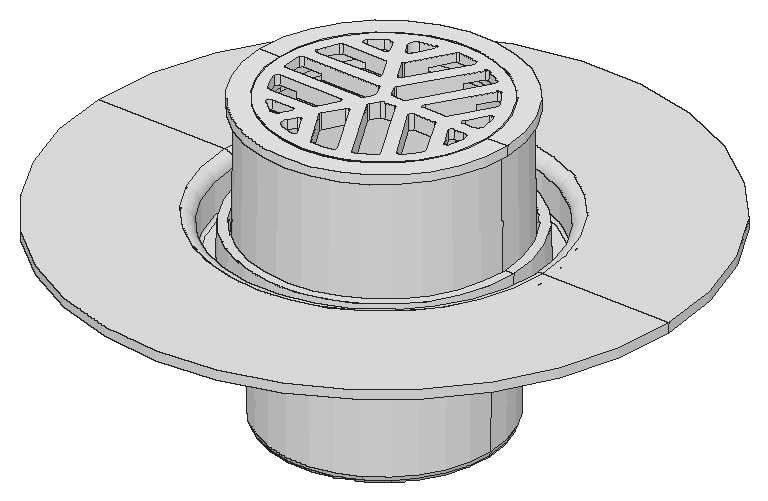
Revit family "4000.137 LM COB RN HF BE80", category Plumbing Fixtures, Revit 2016
Family settings
  Part Type = Normal
  Round Connector Dimension = Use Diameter
  Work Plane-Based = No
  Always vertical = Yes
  Cut with Voids When Loaded = No
  Shared = No
  Room Calculation Point = No
Parameters (values of type "4000.137")
  Waste Connection = yes
  Vent Connection = no
  URL = "www.aquaknight.co.nz"
  Phone = "+6498322214"  # constant formula
  Model = "LM COB RN HF BE80 – 4000.137"
  Manufacturer = "Aquanight Industries Ltd"  # constant formula
  HW Connection = no
  Email = "info@aquaknight.co.nz"  # constant formula
  Description = "DWV80 Free-form Tile Shower with Round Chrome LID"
  CW Connection = no
Reference planes
  plane 1 "Center (Front/Back)": y = 0
  plane 2: z = 0
  plane 3 "Center (Left/Right)": x = 0
  plane 4: z = -39.794
Forms (mm)
  Revolve 1, solid, material "PVC-Piping"
    sketch origin (-2.137, 0, 1.044) x (1, 0, 0) y (0, 0, 1)
      loop
        line (-53.225, -1.044) -> (-96.863, -1.044) -> (-96.863, -4.044) -> (-53.225, -4.044)
        arc (-53.225, -4.044) -> (-52.521, -4.333) -> (-52.225, -5.034) r 1
        line (-52.225, -5.034) -> (-52.122, -15.088)
        arc (-52.122, -15.088) -> (-51.057, -17.765) -> (-48.471, -19.032) r 4
        line (-48.471, -19.032) -> (-36.578, -20.055)
        arc (-36.578, -20.055) -> (-35.93, -20.372) -> (-35.663, -21.041) r 1.001
        line (-35.663, -21.041) -> (-35.206, -62.767) -> (-34.682, -64.162)
        arc (-34.682, -64.162) -> (-34.132, -64.868) -> (-33.278, -65.134) r 1.5
        line (-33.278, -65.134) -> (-32.413, -65.134) -> (-32.93, -14.567) -> (-36.113, -14.567) -> (-36.153, -10.668) -> (-36.763, -9.567) -> (-36.463, 31.433) -> (-38.863, 31.433) -> (-39.171, -10.702) -> (-39.613, -9.567) -> (-39.638, -7.067) -> (-40.164, -4.567) -> (-43.113, -4.567) -> (-43.528, -16.453) -> (-48.209, -16.044)
        arc (-48.209, -16.044) -> (-48.856, -15.727) -> (-49.122, -15.058) r 1
        line (-49.122, -15.058) -> (-49.225, -5.003)
        arc (-49.225, -5.003) -> (-50.411, -2.201) -> (-53.225, -1.044) r 4
      axis (2.137, 31.433) -> (2.137, -65.134)
    angle from 0 to 360
  Extrusion 2, void
    sketch origin (0, 0, 4) x (0, 1, 0) y (-1, 0, 0)
      loop
        arc (-2, -26.058) -> (-2.5, -25.192) -> (-3.5, -25.192) r 1
        line (-3.5, -25.192) -> (-9.662, -28.749)
        arc (-9.662, -28.749) -> (-10.156, -29.727) -> (-9.458, -30.57) r 1
        arc (-9.458, -30.57) -> (-7.189, -31.182) -> (-4.881, -31.626) r 32
        arc (-4.881, -31.626) -> (-2.873, -31.053) -> (-2, -29.155) r 2.5
        line (-2, -29.155) -> (-2, -26.058)
      loop
        arc (-2.5, -19.957) -> (-2.134, -19.591) -> (-2, -19.091) r 1
        line (-2, -19.091) -> (-2, -12.163)
        arc (-2, -12.163) -> (-2.5, -11.297) -> (-3.5, -11.297) r 1
        line (-3.5, -11.297) -> (-21.665, -21.784)
        arc (-21.665, -21.784) -> (-22.159, -22.537) -> (-21.848, -23.381) r 1
        arc (-21.848, -23.381) -> (-19.269, -25.548) -> (-16.477, -27.432) r 32
        arc (-16.477, -27.432) -> (-15.971, -27.575) -> (-15.462, -27.441) r 1
        line (-15.462, -27.441) -> (-2.5, -19.957)
      loop
        line (-24.721, -18.891) -> (-2.5, -6.062)
        arc (-2.5, -6.062) -> (-2.134, -5.696) -> (-2, -5.196) r 1
        line (-2, -5.196) -> (-2, -2.021)
        arc (-2, -2.021) -> (-2.201, -1.271) -> (-2.75, -0.722) r 1.5
        line (-2.75, -0.722) -> (-5.5, 0.866)
        arc (-5.5, 0.866) -> (-6, 1) -> (-6.5, 0.866) r 1
        line (-6.5, 0.866) -> (-28.721, -11.963)
        arc (-28.721, -11.963) -> (-29.173, -12.524) -> (-29.131, -13.243) r 1
        arc (-29.131, -13.243) -> (-27.713, -16) -> (-26.034, -18.607) r 32
        arc (-26.034, -18.607) -> (-25.433, -19.003) -> (-24.721, -18.891) r 1
      loop
        line (-29.698, -7.87) -> (-11.533, 2.617)
        arc (-11.533, 2.617) -> (-11.033, 3.483) -> (-11.533, 4.349) r 1
        line (-11.533, 4.349) -> (-17.533, 7.813)
        arc (-17.533, 7.813) -> (-18.033, 7.947) -> (-18.533, 7.813) r 1
        line (-18.533, 7.813) -> (-31.495, 0.33)
        arc (-31.495, 0.33) -> (-31.866, -0.044) -> (-31.995, -0.554) r 1
        arc (-31.995, -0.554) -> (-31.76, -3.914) -> (-31.172, -7.23) r 32
        arc (-31.172, -7.23) -> (-30.597, -7.922) -> (-29.698, -7.87) r 1
      loop
        line (-29.728, 6.007) -> (-23.566, 9.565)
        arc (-23.566, 9.565) -> (-23.066, 10.431) -> (-23.566, 11.297) r 1
        line (-23.566, 11.297) -> (-26.249, 12.845)
        arc (-26.249, 12.845) -> (-28.329, 13.039) -> (-29.829, 11.585) r 2.5
        arc (-29.829, 11.585) -> (-30.599, 9.365) -> (-31.204, 7.095) r 32
        arc (-31.204, 7.095) -> (-30.822, 6.068) -> (-29.728, 6.007) r 1
      loop
        arc (-21.566, 14.761) -> (-20.566, 14.761) -> (-20.066, 15.627) r 1
        line (-20.066, 15.627) -> (-20.066, 22.742)
        arc (-20.066, 22.742) -> (-20.666, 23.658) -> (-21.746, 23.476) r 1
        arc (-21.746, 23.476) -> (-23.41, 21.817) -> (-24.948, 20.04) r 32
        arc (-24.948, 20.04) -> (-25.456, 18.014) -> (-24.249, 16.309) r 2.5
        line (-24.249, 16.309) -> (-21.566, 14.761)
      loop
        arc (-16.033, 12.144) -> (-15.899, 11.644) -> (-15.533, 11.278) r 1
        line (-15.533, 11.278) -> (-9.533, 7.813)
        arc (-9.533, 7.813) -> (-8.533, 7.813) -> (-8.033, 8.679) r 1
        line (-8.033, 8.679) -> (-8.033, 29.655)
        arc (-8.033, 29.655) -> (-8.438, 30.458) -> (-9.325, 30.611) r 1
        arc (-9.325, 30.611) -> (-12.491, 29.462) -> (-15.518, 27.985) r 32
        arc (-15.518, 27.985) -> (-15.895, 27.618) -> (-16.033, 27.111) r 1
        line (-16.033, 27.111) -> (-16.033, 12.144)
      loop
        line (-4, 30.854) -> (-4, 5.196)
        arc (-4, 5.196) -> (-3.866, 4.696) -> (-3.5, 4.33) r 1
        line (-3.5, 4.33) -> (-0.75, 2.742)
        arc (-0.75, 2.742) -> (0, 2.541) -> (0.75, 2.742) r 1.5
        line (0.75, 2.742) -> (3.5, 4.33)
        arc (3.5, 4.33) -> (3.866, 4.696) -> (4, 5.196) r 1
        line (4, 5.196) -> (4, 30.854)
        arc (4, 30.854) -> (3.741, 31.527) -> (3.097, 31.85) r 1
        arc (3.097, 31.85) -> (0, 32) -> (-3.097, 31.85) r 32
        arc (-3.097, 31.85) -> (-3.741, 31.527) -> (-4, 30.854) r 1
      loop
        line (8.033, 29.655) -> (8.033, 8.679)
        arc (8.033, 8.679) -> (8.533, 7.813) -> (9.533, 7.813) r 1
        line (9.533, 7.813) -> (15.533, 11.278)
        arc (15.533, 11.278) -> (15.899, 11.644) -> (16.033, 12.144) r 1
        line (16.033, 12.144) -> (16.033, 27.111)
        arc (16.033, 27.111) -> (15.895, 27.618) -> (15.518, 27.985) r 1
        arc (15.518, 27.985) -> (12.491, 29.462) -> (9.325, 30.611) r 32
        arc (9.325, 30.611) -> (8.438, 30.458) -> (8.033, 29.655) r 1
      loop
        line (20.066, 22.742) -> (20.066, 15.627)
        arc (20.066, 15.627) -> (20.566, 14.761) -> (21.566, 14.761) r 1
        line (21.566, 14.761) -> (24.249, 16.309)
        arc (24.249, 16.309) -> (25.456, 18.014) -> (24.948, 20.04) r 2.5
        arc (24.948, 20.04) -> (23.41, 21.817) -> (21.746, 23.476) r 32
        arc (21.746, 23.476) -> (20.666, 23.658) -> (20.066, 22.742) r 1
      loop
        arc (23.566, 11.297) -> (23.066, 10.431) -> (23.566, 9.565) r 1
        line (23.566, 9.565) -> (29.728, 6.007)
        arc (29.728, 6.007) -> (30.822, 6.068) -> (31.204, 7.095) r 1
        arc (31.204, 7.095) -> (30.599, 9.365) -> (29.829, 11.585) r 32
        arc (29.829, 11.585) -> (28.329, 13.039) -> (26.249, 12.845) r 2.5
        line (26.249, 12.845) -> (23.566, 11.297)
      loop
        arc (18.533, 7.813) -> (18.033, 7.947) -> (17.533, 7.813) r 1
        line (17.533, 7.813) -> (11.533, 4.349)
        arc (11.533, 4.349) -> (11.033, 3.483) -> (11.533, 2.617) r 1
        line (11.533, 2.617) -> (29.698, -7.87)
        arc (29.698, -7.87) -> (30.597, -7.922) -> (31.172, -7.23) r 1
        arc (31.172, -7.23) -> (31.76, -3.914) -> (31.995, -0.554) r 32
        arc (31.995, -0.554) -> (31.866, -0.044) -> (31.495, 0.33) r 1
        line (31.495, 0.33) -> (18.533, 7.813)
      loop
        line (28.721, -11.963) -> (6.5, 0.866)
        arc (6.5, 0.866) -> (6, 1) -> (5.5, 0.866) r 1
        line (5.5, 0.866) -> (2.75, -0.722)
        arc (2.75, -0.722) -> (2.201, -1.271) -> (2, -2.021) r 1.5
        line (2, -2.021) -> (2, -5.196)
        arc (2, -5.196) -> (2.134, -5.696) -> (2.5, -6.062) r 1
        line (2.5, -6.062) -> (24.721, -18.891)
        arc (24.721, -18.891) -> (25.433, -19.003) -> (26.034, -18.607) r 1
        arc (26.034, -18.607) -> (27.713, -16) -> (29.131, -13.243) r 32
        arc (29.131, -13.243) -> (29.173, -12.524) -> (28.721, -11.963) r 1
      loop
        line (21.665, -21.784) -> (3.5, -11.297)
        arc (3.5, -11.297) -> (2.5, -11.297) -> (2, -12.163) r 1
        line (2, -12.163) -> (2, -19.091)
        arc (2, -19.091) -> (2.134, -19.591) -> (2.5, -19.957) r 1
        line (2.5, -19.957) -> (15.462, -27.441)
        arc (15.462, -27.441) -> (15.971, -27.575) -> (16.477, -27.432) r 1
        arc (16.477, -27.432) -> (19.269, -25.548) -> (21.848, -23.381) r 32
        arc (21.848, -23.381) -> (22.159, -22.537) -> (21.665, -21.784) r 1
      loop
        line (9.662, -28.749) -> (3.5, -25.192)
        arc (3.5, -25.192) -> (2.5, -25.192) -> (2, -26.058) r 1
        line (2, -26.058) -> (2, -29.155)
        arc (2, -29.155) -> (2.873, -31.053) -> (4.881, -31.626) r 2.5
        arc (4.881, -31.626) -> (7.189, -31.182) -> (9.458, -30.57) r 32
        arc (9.458, -30.57) -> (10.156, -29.727) -> (9.662, -28.749) r 1
    from 0 to 97.858
  Extrusion 3, solid, material "Steel, Chrome Plated"
    sketch origin (0, 0, 4) x (0, 1, 0) y (-1, 0, 0)
      loop
        circle (0, 0) r 36
    from 28.477 to 31.477
  Extrusion 4, solid, material "Steel, Chrome Plated"
    sketch origin (0, 0, 32.477) x (-1, 0, 0) y (0, 1, 0)
      loop
        circle (0, 0) r 25
    from 0 to 2
  Revolve 5, solid, material "Steel, Chrome Plated"
    sketch origin (0, 0, 0) x (1, 0, 0) y (0, 0, 1)
      loop
        line (-38, 32.477) -> (-38, 24.477) -> (-36.3, 24.477) -> (-36.3, 29.253) -> (-32.8, 29.253) -> (-32.8, 32.277) -> (-36.3, 32.277) -> (-36.3, 35.477) -> (-43, 35.477) -> (-43, 32.477) -> (-38, 32.477)
      axis (0, 35.477) -> (0, 24.477)
    angle from 0 to 360
Cuts and joins
  Extrusion 2 cuts Extrusion 3
  Extrusion 2 cuts Extrusion 4
  joined: Extrusion 3, Extrusion 4
Lines and regions (mm)
  model lines, detail levels fine
    curve 1: circle (-59.795, 59.372, 0) r 3.15 normal (0, 0, 1)
    curve 2: circle (59.795, 59.372, 0) r 3.15 normal (0, 0, -1)
    curve 3: circle (-59.795, -59.372, 0) r 3.15 normal (0, 0, -1)
    curve 4: circle (59.795, -59.372, 0) r 3.15 normal (0, 0, 1)
Dimensions and locks
  locked: connector elem to plane 1 "Center (Front/Back)" at 0
  locked: connector elem to plane 3 "Center (Left/Right)"
  locked: plane 2 to plane 4 at 39.794
  aligned and locked: level to plane 2
  aligned and locked: Revolve 5 sketch curve to plane 3 "Center (Left/Right)"
Connectors
  piping at (0, 0, -39.794), diameter 80
    settings: on plane 4, index 1, connector inside diameter 609.6 mm, connector length 0 mm, flow factor 0, pipe flow 0.0 L/s, pressure drop 0.0 Pa, fitting loss kfactor 0, connector angle 0.00°, fixture units 0, engagement length 0 mm, angle of deflection 0.00°, flow configuration 0, flow direction 2, fitting loss method 0, system type 28, joint type 0, gender type 0, connector reference index -1, connector utility 0, adjustable connector no, is connector primary yes, connector description ""
